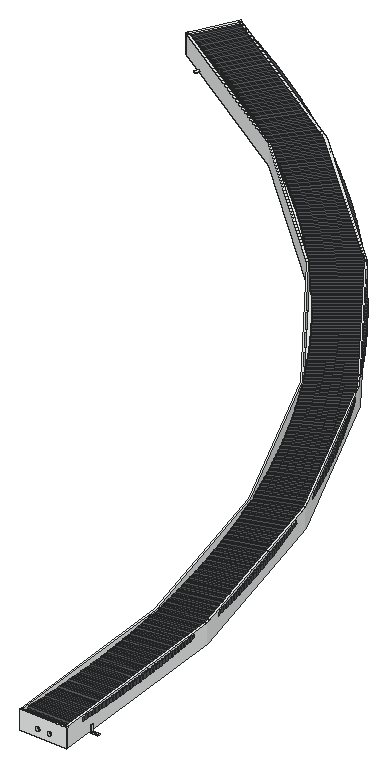
Revit family "Гольфстрим_Радиусный_R", category Оборудование, Revit 2019
Family settings
  Размер круглого соединителя = Использовать диаметр
  Классификация = Нет
  Тип детали = Нормальный
  На основе рабочей плоскости = Нет
  Всегда вертикально = Да
  При загрузке вырезать с полостями = Нет
  Общий = Нет
  Точка расчета площади = Нет
Parameters (values of type "Стандарт")
  Угол подключения [instance] = if(Боковое подключение, 90.00°, 180.00°)  # 180.00°
  Угол = (ADSK_Размер_Длина * 180.00°) / (pi() * Радиус конвектора)  # 63.662°
  Тип отопительного прибора = ""
  Температура Т2 [instance] = 0 °C
  Температура Т1 [instance] = 0 °C
  Радиус = 7.5 mm
  Номинальный диаметр = Радиус * 2  # 15 mm
  Ширина решетки = ADSK_Размер_Ширина - Толщина стенки панели * 2  # 186 mm
  Отступ от пола = 100 mm
  Межосевое расстояние = 50 mm
  Материал решетки = Окраска - RAL 7021, черно-серый
  Материал панели = Окраска - RAL 9016, белый дорожный
  Материал кронштейна = Окраска - RAL 9016, белый дорожный
  КСИ = ""
  Толщина стенки панели = 7 mm  # constant formula
  Боковое подключение [instance] = no
  Блок питания [instance] = yes
  Блок контролера [instance] = yes
  t [instance] = 0
  r2 = Радиус конвектора - Межосевое расстояние / 2  # 4475 mm
  r1 = Радиус конвектора + Межосевое расстояние / 2  # 4525 mm
  Радиус конвектора = 4500 mm
  n = Угол * 2 mm / 0.50° / 1 mm  # 255
  U = -70 mm
  R [instance] = if(Боковое подключение, ADSK_Размер_Ширина / 2 + Межосевое расстояние / 2 + 1 mm, 21 mm)  # 21 mm
  Qну_dT70 = 0 W
  Qну_dT60 = 0 W
  Qну_dT50 = 0 W
  L [instance] = if(Боковое подключение, ADSK_Размер_Ширина / 2 - Межосевое расстояние / 2 + 2 mm, 71 mm)  # 71 mm
  ADSK_Тепловая мощность [instance] = 0 W
  ADSK_Расход жидкости [instance] = 0.0 m³/h
  ADSK_Размер_Ширина = 200 mm
  ADSK_Размер_Длина = 5000 mm
  ADSK_Размер_Высота = 80 mm
  ADSK_Примечание = ""
  ADSK_Наименование краткое = ""
  ADSK_Наименование = ""
  ADSK_Масса_Текст = ""
  ADSK_Код изделия = ""
  ADSK_Завод-изготовитель = ""
  ADSK_Единица измерения = ""
  ADSK_Группирование = ""
Reference planes
  plane 1 "По центру (Вперед/Назад)": y = 0
  plane 2: z = 0
  plane 3 "По центру (Влево/Вправо)": x = 0
  plane 4 "2": z = -20
  plane 5: y = 50
  plane 6: y = 5
  plane 7 "3": z = -80
  plane 8: y = 15
  plane 9: y = 65
  plane 10: y = 100.391
Forms (mm)
  Sweep 1, solid, material "Окраска - RAL 9016, белый дорожный" <- "Материал панели"
    path origin (0, 0, 0) x (1, 0, 0) y (0, 1, 0)
      loop
        arc (4500, 0) -> (3823.234, 2373.369) -> (1996.497, 4032.865) r 4500
    profile origin (3823.234, 2373.369, 0) x (-0.849608, -0.527415, 0) y (0, 0, 1)
      loop
        line (-93, 0) -> (-100, 0) -> (-100, -80) -> (100, -80) -> (100, 0) -> (93, 0) -> (93, -75) -> (-93, -75) -> (-93, 0)
  Extrusion 2, solid, material "Окраска - RAL 9016, белый дорожный" <- "Материал панели"
    sketch origin (0, 0, 0) x (1, 0, 0) y (0, 0, 1)
      loop
        line (4600, -80) -> (4600, 0) -> (4440, 0) -> (4400, 0) -> (4400, -80) -> (4600, -80)
    from 0 to 5
  Extrusion 3, solid, material "Окраска - RAL 9016, белый дорожный" <- "Материал панели"
    sketch origin (0, 0, 0) x (0.443666, 0.896192, 0) y (0, 0, 1)
      loop
        line (4600, -80) -> (4600, 0) -> (4400, 0) -> (4400, -80) -> (4600, -80)
    from 0 to 10
  Sweep 4, solid, material "Окраска - RAL 9016, белый дорожный" <- "Материал кронштейна"
    path origin (0, 0, -80) x (1, 0, 0) y (0, 1, 0)
      loop
        arc (4498.258, 125.213) -> (4498.143, 129.282) -> (4498.024, 133.35) r 4500
    profile "Кронштейн профиль : Решетка" origin (4498.143, 129.282, -80) x (-0.999587, -0.028729, 0) y (0, 0, 1)
      loop
        line (-98, 0) -> (-98, 30) -> (-101, 30) -> (-101, 3) -> (-128, 3) -> (-128, 0) -> (-98, 0)
      loop
        line (98, 0) -> (128, 0) -> (128, 3) -> (103, 3) -> (103, 30) -> (98, 30) -> (98, 0)
  Sweep 5, solid, material "Окраска - RAL 9016, белый дорожный" <- "Материал кронштейна"
    path origin (0, 0, -80) x (1, 0, 0) y (0, 1, 0)
      loop
        arc (2118.138, 3970.326) -> (2112.833, 3973.152) -> (2107.523, 3975.971) r 4500
    profile "Кронштейн профиль : Решетка" origin (2112.833, 3973.152, -80) x (-0.469518, -0.882923, 0) y (0, 0, 1)
      loop
        line (-98, 0) -> (-98, 30) -> (-101, 30) -> (-101, 3) -> (-128, 3) -> (-128, 0) -> (-98, 0)
      loop
        line (98, 0) -> (128, 0) -> (128, 3) -> (103, 3) -> (103, 30) -> (98, 30) -> (98, 0)
  Sweep 6, solid
    path origin (0, 0, -80) x (1, 0, 0) y (0, 1, 0)
      loop
        line (4525, -6) -> (4525, 15) -> (4525, 100.391)
    profile origin (4525, 57.696, -80) x (-1, 0, 0) y (0, 0, 1)
      loop
        circle (0, 30) r 7.5
  Sweep 7, solid
    path origin (0, 0, -80) x (1, 0, 0) y (0, 1, 0)
      loop
        line (4475, 100.391) -> (4475, 65) -> (4475, -6)
    profile origin (4475, 82.696, -80) x (1, 0, 0) y (0, 0, 1)
      loop
        circle (0, 30) r 7.5
Lines and regions (mm)
  reference lines
    curve 1: line (0, 0, 0) -> (1996.497, 4032.865, 0)
    curve 2: arc (4500, 0, 0) -> (3823.234, 2373.369, 0) -> (1996.497, 4032.865, 0) r 4500
    curve 3: arc (4500, 0, 0) -> (3823.234, 2373.369, 0) -> (1996.497, 4032.865, 0) r 4500
    curve 4: line (4525, 15, -80) -> (4525, 100.391, -80)
    curve 5: line (4475, 100.391, -80) -> (4475, 15, -80)
Dimensions and locks
  "Радиус конвектора": curve 1 to curve 1
  locked: plane 1 "По центру (Вперед/Назад)" to plane 5 at 50
  "Толщина стенки панели": Sweep 1 sketch curve to Sweep 1 sketch curve  (x2)
  "ADSK_Размер_Высота": profile plane to Sweep 1 sketch curve
  locked: Extrusion 3 to curve 1 at 10
  locked: Sweep 1 sketch curve to Sweep 1 sketch curve at 5
  plane 1 "По центру (Вперед/Назад)" to plane 6 = 5 mm
  locked: level to plane 4 "2" at 20
  "ADSK_Размер_Высота": level to plane 7 "3"
  plane 1 "По центру (Вперед/Назад)" to Sweep 4 sketch curve = 125.213 mm
  locked: Sweep 5 sketch curve to curve 1 at 124.743
  locked: plane 1 "По центру (Вперед/Назад)" to plane 8 at 15
  "Межосевое расстояние": plane 9 to plane 8
  "r1": curve 2 to curve 4
  "r2": plane 3 "По центру (Влево/Вправо)" to curve 5
  "R": Sweep 6 sketch curve to Sweep 6 sketch curve
  equal spacing: plane 7 "3", Sweep 6 sketch curve, plane 4 "2"
  "L": Sweep 7 sketch curve to Sweep 7 sketch curve
  equal spacing: plane 7 "3", Sweep 7 sketch curve, plane 4 "2"
  equal spacing: Sweep 1 sketch curve, profile plane, Sweep 1 sketch curve
  "ADSK_Размер_Ширина": Sweep 1 sketch curve to Sweep 1 sketch curve
  equal spacing: Extrusion 3 sketch curve, curve 3, Extrusion 3 sketch curve
  "ADSK_Размер_Ширина": Extrusion 3 sketch curve to Extrusion 3 sketch curve
  equal spacing: Extrusion 2 sketch curve, curve 3, Extrusion 2 sketch curve
  "ADSK_Размер_Ширина": Extrusion 2 sketch curve to Extrusion 2 sketch curve
  "r1": curve 2 to nested 257
  "r2": curve 2 to nested 258
  "Радиус конвектора": radius of radial array
  "Радиус конвектора": radius of Sweep 5 sketch curve
  "Радиус": radius of Sweep 6 sketch curve
  "Радиус": radius of Sweep 7 sketch curve
  "Угол": angle plane 1 "По центру (Вперед/Назад)" to curve 1
  locked: Sweep 4 sketch curve to Sweep 4 sketch curve (angle 0.103642°)
  locked: Sweep 5 sketch curve to Sweep 5 sketch curve (angle 0.153068°)
  "Угол подключения": angle Sweep 6 sketch curve to Sweep 6 sketch curve
  "Угол подключения": angle Sweep 7 sketch curve to Sweep 7 sketch curve
  aligned and locked: level to plane 2
  aligned and locked: plane 1 "По центру (Вперед/Назад)" to curve 1
  aligned and locked: plane 3 "По центру (Влево/Вправо)" to curve 1
  aligned and locked: plane 1 "По центру (Вперед/Назад)" to curve 2
  aligned and locked: Sweep 1 sketch curve to curve 2
  aligned and locked: curve 1 to Sweep 1 sketch curve
  aligned and locked: plane 1 "По центру (Вперед/Назад)" to Sweep 1 sketch curve
  aligned and locked: curve 3 to curve 2
  aligned and locked: plane 1 "По центру (Вперед/Назад)" to nested 1
  aligned and locked: plane 3 "По центру (Влево/Вправо)" to nested 1
  aligned and locked: profile plane to Sweep 1 sketch curve
  aligned and locked: Sweep 1 sketch curve to profile plane
  aligned and locked: Sweep 1 to Extrusion 2 sketch curve
  aligned and locked: Extrusion 2 sketch curve to Sweep 1
  aligned and locked: Extrusion 2 to plane 1 "По центру (Вперед/Назад)"
  aligned and locked: Sweep 1 to Extrusion 3 sketch curve
  aligned and locked: Sweep 4 sketch curve to curve 3
  aligned and locked: plane 8 to curve 4
  aligned and locked: plane 10 to curve 4
  aligned and locked: plane 8 to curve 5
  aligned and locked: plane 10 to curve 5
  aligned and locked: Sweep 6 sketch curve to curve 4
  aligned and locked: plane 10 to Sweep 6 sketch curve
  aligned and locked: profile plane to Sweep 6 sketch curve
  aligned and locked: plane 10 to Sweep 7 sketch curve
  aligned and locked: Sweep 7 sketch curve to curve 5
  aligned and locked: profile plane to Sweep 7 sketch curve
  aligned and locked: nested 257 to plane 8
  aligned and locked: nested 258 to plane 8
Automatic sketch dimensions
  curve 3 to plane 3 "По центру (Влево/Вправо)" = 0 mm
  Extrusion 2 sketch curve to Extrusion 2 sketch curve = 40 mm
  curve 1 to Extrusion 3 sketch curve = 0 mm
  plane 1 "По центру (Вперед/Назад)" to Sweep 5 sketch curve = 0 mm
  Sweep 5 sketch curve to plane 3 "По центру (Влево/Вправо)" = 0 mm
Nested families
  nested 1: "УГО" at (0, 0, -20), type "УГО"
  nested 2: "Ламель конвектора" at (4499.993, 7.759, -20) x (0, 1, 0) z (0, 0, 1), l <- "Ширина решетки", Материал <- "Материал решетки", type ""
    with Материал Окраска - RAL 7021, черно-серый, l 186 mm
  nested 3: "Ламель конвектора" at (4499.755, 46.915, -20) x (-0.0087, 1, 0) z (0, 0, 1), l <- "Ширина решетки", Материал <- "Материал решетки", type ""
    with Материал Окраска - RAL 7021, черно-серый, l 186 mm
  nested 4: "Ламель конвектора" at (4499.917, 27.337, -20) x (-0.0044, 1, 0) z (0, 0, 1), l <- "Ширина решетки", Материал <- "Материал решетки", type ""
    with Материал Окраска - RAL 7021, черно-серый, l 186 mm
  nested 5: "Ламель конвектора" at (4499.509, 66.492, -20) x (-0.0131, 0.9999, 0) z (0, 0, 1), l <- "Ширина решетки", Материал <- "Материал решетки", type ""
    with Материал Окраска - RAL 7021, черно-серый, l 186 mm
  nested 6: "Ламель конвектора" at (4499.177, 86.067, -20) x (-0.0174, 0.9998, 0) z (0, 0, 1), l <- "Ширина решетки", Материал <- "Материал решетки", type ""
    with Материал Окраска - RAL 7021, черно-серый, l 186 mm
  nested 7: "Ламель конвектора" at (4498.76, 105.641, -20) x (-0.0218, 0.9998, 0) z (0, 0, 1), l <- "Ширина решетки", Материал <- "Материал решетки", type ""
    with Материал Окраска - RAL 7021, черно-серый, l 186 mm
  nested 8: "Ламель конвектора" at (4498.258, 125.213, -20) x (-0.0261, 0.9997, 0) z (0, 0, 1), l <- "Ширина решетки", Материал <- "Материал решетки", type ""
    with Материал Окраска - RAL 7021, черно-серый, l 186 mm
  nested 9: "Ламель конвектора" at (4497.67, 144.783, -20) x (-0.0305, 0.9995, 0) z (0, 0, 1), l <- "Ширина решетки", Материал <- "Материал решетки", type ""
    with Материал Окраска - RAL 7021, черно-серый, l 186 mm
  nested 10: "Ламель конвектора" at (4496.998, 164.35, -20) x (-0.0348, 0.9994, 0) z (0, 0, 1), l <- "Ширина решетки", Материал <- "Материал решетки", type ""
    with Материал Окраска - RAL 7021, черно-серый, l 186 mm
  nested 11: "Ламель конвектора" at (4496.24, 183.914, -20) x (-0.0391, 0.9992, 0) z (0, 0, 1), l <- "Ширина решетки", Материал <- "Материал решетки", type ""
    with Материал Окраска - RAL 7021, черно-серый, l 186 mm
  nested 12: "Ламель конвектора" at (4495.397, 203.474, -20) x (-0.0435, 0.9991, 0) z (0, 0, 1), l <- "Ширина решетки", Материал <- "Материал решетки", type ""
    with Материал Окраска - RAL 7021, черно-серый, l 186 mm
  nested 13: "Ламель конвектора" at (4494.47, 223.03, -20) x (-0.0478, 0.9989, 0) z (0, 0, 1), l <- "Ширина решетки", Материал <- "Материал решетки", type ""
    with Материал Окраска - RAL 7021, черно-серый, l 186 mm
  nested 14: "Ламель конвектора" at (4493.457, 242.583, -20) x (-0.0522, 0.9986, 0) z (0, 0, 1), l <- "Ширина решетки", Материал <- "Материал решетки", type ""
    with Материал Окраска - RAL 7021, черно-серый, l 186 mm
  nested 15: "Ламель конвектора" at (4492.359, 262.13, -20) x (-0.0565, 0.9984, 0) z (0, 0, 1), l <- "Ширина решетки", Материал <- "Материал решетки", type ""
    with Материал Окраска - RAL 7021, черно-серый, l 186 mm
  nested 16: "Ламель конвектора" at (4491.176, 281.673, -20) x (-0.0609, 0.9981, 0) z (0, 0, 1), l <- "Ширина решетки", Материал <- "Материал решетки", type ""
    with Материал Окраска - RAL 7021, черно-серый, l 186 mm
  nested 17: "Ламель конвектора" at (4489.908, 301.21, -20) x (-0.0652, 0.9979, 0) z (0, 0, 1), l <- "Ширина решетки", Материал <- "Материал решетки", type ""
    with Материал Окраска - RAL 7021, черно-серый, l 186 mm
  nested 18: "Ламель конвектора" at (4488.555, 320.742, -20) x (-0.0696, 0.9976, 0) z (0, 0, 1), l <- "Ширина решетки", Материал <- "Материал решетки", type ""
    with Материал Окраска - RAL 7021, черно-серый, l 186 mm
  nested 19: "Ламель конвектора" at (4487.117, 340.268, -20) x (-0.0739, 0.9973, 0) z (0, 0, 1), l <- "Ширина решетки", Материал <- "Материал решетки", type ""
    with Материал Окраска - RAL 7021, черно-серый, l 186 mm
  nested 20: "Ламель конвектора" at (4485.594, 359.787, -20) x (-0.0782, 0.9969, 0) z (0, 0, 1), l <- "Ширина решетки", Материал <- "Материал решетки", type ""
    with Материал Окраска - RAL 7021, черно-серый, l 186 mm
  nested 21: "Ламель конвектора" at (4483.986, 379.299, -20) x (-0.0826, 0.9966, 0) z (0, 0, 1), l <- "Ширина решетки", Материал <- "Материал решетки", type ""
    with Материал Окраска - RAL 7021, черно-серый, l 186 mm
  nested 22: "Ламель конвектора" at (4482.294, 398.804, -20) x (-0.0869, 0.9962, 0) z (0, 0, 1), l <- "Ширина решетки", Материал <- "Материал решетки", type ""
    with Материал Окраска - RAL 7021, черно-серый, l 186 mm
  nested 23: "Ламель конвектора" at (4480.516, 418.302, -20) x (-0.0912, 0.9958, 0) z (0, 0, 1), l <- "Ширина решетки", Материал <- "Материал решетки", type ""
    with Материал Окраска - RAL 7021, черно-серый, l 186 mm
  nested 24: "Ламель конвектора" at (4478.654, 437.791, -20) x (-0.0956, 0.9954, 0) z (0, 0, 1), l <- "Ширина решетки", Материал <- "Материал решетки", type ""
    with Материал Окраска - RAL 7021, черно-серый, l 186 mm
  nested 25: "Ламель конвектора" at (4476.707, 457.273, -20) x (-0.0999, 0.995, 0) z (0, 0, 1), l <- "Ширина решетки", Материал <- "Материал решетки", type ""
    with Материал Окраска - RAL 7021, черно-серый, l 186 mm
  nested 26: "Ламель конвектора" at (4474.675, 476.746, -20) x (-0.1042, 0.9946, 0) z (0, 0, 1), l <- "Ширина решетки", Материал <- "Материал решетки", type ""
    with Материал Окраска - RAL 7021, черно-серый, l 186 mm
  nested 27: "Ламель конвектора" at (4472.558, 496.209, -20) x (-0.1086, 0.9941, 0) z (0, 0, 1), l <- "Ширина решетки", Материал <- "Материал решетки", type ""
    with Материал Окраска - RAL 7021, черно-серый, l 186 mm
  nested 28: "Ламель конвектора" at (4470.357, 515.664, -20) x (-0.1129, 0.9936, 0) z (0, 0, 1), l <- "Ширина решетки", Материал <- "Материал решетки", type ""
    with Материал Окраска - RAL 7021, черно-серый, l 186 mm
  nested 29: "Ламель конвектора" at (4468.071, 535.108, -20) x (-0.1172, 0.9931, 0) z (0, 0, 1), l <- "Ширина решетки", Материал <- "Материал решетки", type ""
    with Материал Окраска - RAL 7021, черно-серый, l 186 mm
  nested 30: "Ламель конвектора" at (4465.701, 554.543, -20) x (-0.1215, 0.9926, 0) z (0, 0, 1), l <- "Ширина решетки", Материал <- "Материал решетки", type ""
    with Материал Окраска - RAL 7021, черно-серый, l 186 mm
  nested 31: "Ламель конвектора" at (4463.246, 573.966, -20) x (-0.1258, 0.9921, 0) z (0, 0, 1), l <- "Ширина решетки", Материал <- "Материал решетки", type ""
    with Материал Окраска - RAL 7021, черно-серый, l 186 mm
  nested 32: "Ламель конвектора" at (4460.706, 593.38, -20) x (-0.1302, 0.9915, 0) z (0, 0, 1), l <- "Ширина решетки", Материал <- "Материал решетки", type ""
    with Материал Окраска - RAL 7021, черно-серый, l 186 mm
  nested 33: "Ламель конвектора" at (4458.082, 612.781, -20) x (-0.1345, 0.9909, 0) z (0, 0, 1), l <- "Ширина решетки", Материал <- "Материал решетки", type ""
    with Материал Окраска - RAL 7021, черно-серый, l 186 mm
  nested 34: "Ламель конвектора" at (4455.374, 632.172, -20) x (-0.1388, 0.9903, 0) z (0, 0, 1), l <- "Ширина решетки", Материал <- "Материал решетки", type ""
    with Материал Окраска - RAL 7021, черно-серый, l 186 mm
  nested 35: "Ламель конвектора" at (4452.582, 651.55, -20) x (-0.1431, 0.9897, 0) z (0, 0, 1), l <- "Ширина решетки", Материал <- "Материал решетки", type ""
    with Материал Окраска - RAL 7021, черно-серый, l 186 mm
  nested 36: "Ламель конвектора" at (4449.705, 670.916, -20) x (-0.1474, 0.9891, 0) z (0, 0, 1), l <- "Ширина решетки", Материал <- "Материал решетки", type ""
    with Материал Окраска - RAL 7021, черно-серый, l 186 mm
  nested 37: "Ламель конвектора" at (4446.744, 690.269, -20) x (-0.1517, 0.9884, 0) z (0, 0, 1), l <- "Ширина решетки", Материал <- "Материал решетки", type ""
    with Материал Окраска - RAL 7021, черно-серый, l 186 mm
  nested 38: "Ламель конвектора" at (4443.698, 709.609, -20) x (-0.156, 0.9878, 0) z (0, 0, 1), l <- "Ширина решетки", Материал <- "Материал решетки", type ""
    with Материал Окраска - RAL 7021, черно-серый, l 186 mm
  nested 39: "Ламель конвектора" at (4440.569, 728.936, -20) x (-0.1603, 0.9871, 0) z (0, 0, 1), l <- "Ширина решетки", Материал <- "Материал решетки", type ""
    with Материал Окраска - RAL 7021, черно-серый, l 186 mm
  nested 40: "Ламель конвектора" at (4437.355, 748.249, -20) x (-0.1646, 0.9864, 0) z (0, 0, 1), l <- "Ширина решетки", Материал <- "Материал решетки", type ""
    with Материал Окраска - RAL 7021, черно-серый, l 186 mm
  nested 41: "Ламель конвектора" at (4434.058, 767.548, -20) x (-0.1689, 0.9856, 0) z (0, 0, 1), l <- "Ширина решетки", Материал <- "Материал решетки", type ""
    with Материал Окраска - RAL 7021, черно-серый, l 186 mm
  nested 42: "Ламель конвектора" at (4430.677, 786.832, -20) x (-0.1732, 0.9849, 0) z (0, 0, 1), l <- "Ширина решетки", Материал <- "Материал решетки", type ""
    with Материал Окраска - RAL 7021, черно-серый, l 186 mm
  nested 43: "Ламель конвектора" at (4427.211, 806.101, -20) x (-0.1774, 0.9841, 0) z (0, 0, 1), l <- "Ширина решетки", Материал <- "Материал решетки", type ""
    with Материал Окраска - RAL 7021, черно-серый, l 186 mm
  nested 44: "Ламель конвектора" at (4423.662, 825.355, -20) x (-0.1817, 0.9834, 0) z (0, 0, 1), l <- "Ширина решетки", Материал <- "Материал решетки", type ""
    with Материал Окраска - RAL 7021, черно-серый, l 186 mm
  nested 45: "Ламель конвектора" at (4420.03, 844.594, -20) x (-0.186, 0.9826, 0) z (0, 0, 1), l <- "Ширина решетки", Материал <- "Материал решетки", type ""
    with Материал Окраска - RAL 7021, черно-серый, l 186 mm
  nested 46: "Ламель конвектора" at (4416.313, 863.816, -20) x (-0.1903, 0.9817, 0) z (0, 0, 1), l <- "Ширина решетки", Материал <- "Материал решетки", type ""
    with Материал Окраска - RAL 7021, черно-серый, l 186 mm
  nested 47: "Ламель конвектора" at (4412.513, 883.022, -20) x (-0.1945, 0.9809, 0) z (0, 0, 1), l <- "Ширина решетки", Материал <- "Материал решетки", type ""
    with Материал Окраска - RAL 7021, черно-серый, l 186 mm
  nested 48: "Ламель конвектора" at (4408.629, 902.212, -20) x (-0.1988, 0.98, 0) z (0, 0, 1), l <- "Ширина решетки", Материал <- "Материал решетки", type ""
    with Материал Окраска - RAL 7021, черно-серый, l 186 mm
  nested 49: "Ламель конвектора" at (4404.662, 921.384, -20) x (-0.2031, 0.9792, 0) z (0, 0, 1), l <- "Ширина решетки", Материал <- "Материал решетки", type ""
    with Материал Окраска - RAL 7021, черно-серый, l 186 mm
  nested 50: "Ламель конвектора" at (4400.612, 940.539, -20) x (-0.2073, 0.9783, 0) z (0, 0, 1), l <- "Ширина решетки", Материал <- "Материал решетки", type ""
    with Материал Окраска - RAL 7021, черно-серый, l 186 mm
  nested 51: "Ламель конвектора" at (4396.478, 959.676, -20) x (-0.2116, 0.9774, 0) z (0, 0, 1), l <- "Ширина решетки", Материал <- "Материал решетки", type ""
    with Материал Окраска - RAL 7021, черно-серый, l 186 mm
  nested 52: "Ламель конвектора" at (4392.261, 978.795, -20) x (-0.2158, 0.9764, 0) z (0, 0, 1), l <- "Ширина решетки", Материал <- "Материал решетки", type ""
    with Материал Окраска - RAL 7021, черно-серый, l 186 mm
  nested 53: "Ламель конвектора" at (4387.961, 997.896, -20) x (-0.2201, 0.9755, 0) z (0, 0, 1), l <- "Ширина решетки", Материал <- "Материал решетки", type ""
    with Материал Окраска - RAL 7021, черно-серый, l 186 mm
  nested 54: "Ламель конвектора" at (4383.578, 1016.977, -20) x (-0.2243, 0.9745, 0) z (0, 0, 1), l <- "Ширина решетки", Материал <- "Материал решетки", type ""
    with Материал Окраска - RAL 7021, черно-серый, l 186 mm
  nested 55: "Ламель конвектора" at (4379.112, 1036.039, -20) x (-0.2286, 0.9735, 0) z (0, 0, 1), l <- "Ширина решетки", Материал <- "Материал решетки", type ""
    with Материал Окраска - RAL 7021, черно-серый, l 186 mm
  nested 56: "Ламель конвектора" at (4374.563, 1055.082, -20) x (-0.2328, 0.9725, 0) z (0, 0, 1), l <- "Ширина решетки", Материал <- "Материал решетки", type ""
    with Материал Окраска - RAL 7021, черно-серый, l 186 mm
  nested 57: "Ламель конвектора" at (4369.931, 1074.105, -20) x (-0.237, 0.9715, 0) z (0, 0, 1), l <- "Ширина решетки", Материал <- "Материал решетки", type ""
    with Материал Окраска - RAL 7021, черно-серый, l 186 mm
  nested 58: "Ламель конвектора" at (4365.217, 1093.107, -20) x (-0.2412, 0.9705, 0) z (0, 0, 1), l <- "Ширина решетки", Материал <- "Материал решетки", type ""
    with Материал Окраска - RAL 7021, черно-серый, l 186 mm
  nested 59: "Ламель конвектора" at (4360.42, 1112.089, -20) x (-0.2455, 0.9694, 0) z (0, 0, 1), l <- "Ширина решетки", Материал <- "Материал решетки", type ""
    with Материал Окраска - RAL 7021, черно-серый, l 186 mm
  nested 60: "Ламель конвектора" at (4355.54, 1131.049, -20) x (-0.2497, 0.9683, 0) z (0, 0, 1), l <- "Ширина решетки", Материал <- "Материал решетки", type ""
    with Материал Окраска - RAL 7021, черно-серый, l 186 mm
  nested 61: "Ламель конвектора" at (4350.578, 1149.988, -20) x (-0.2539, 0.9672, 0) z (0, 0, 1), l <- "Ширина решетки", Материал <- "Материал решетки", type ""
    with Материал Окраска - RAL 7021, черно-серый, l 186 mm
  nested 62: "Ламель конвектора" at (4345.533, 1168.906, -20) x (-0.2581, 0.9661, 0) z (0, 0, 1), l <- "Ширина решетки", Материал <- "Материал решетки", type ""
    with Материал Окраска - RAL 7021, черно-серый, l 186 mm
  nested 63: "Ламель конвектора" at (4340.406, 1187.801, -20) x (-0.2623, 0.965, 0) z (0, 0, 1), l <- "Ширина решетки", Материал <- "Материал решетки", type ""
    with Материал Окраска - RAL 7021, черно-серый, l 186 mm
  nested 64: "Ламель конвектора" at (4335.198, 1206.674, -20) x (-0.2665, 0.9638, 0) z (0, 0, 1), l <- "Ширина решетки", Материал <- "Материал решетки", type ""
    with Материал Окраска - RAL 7021, черно-серый, l 186 mm
  nested 65: "Ламель конвектора" at (4329.907, 1225.524, -20) x (-0.2707, 0.9627, 0) z (0, 0, 1), l <- "Ширина решетки", Материал <- "Материал решетки", type ""
    with Материал Окраска - RAL 7021, черно-серый, l 186 mm
  nested 66: "Ламель конвектора" at (4324.534, 1244.351, -20) x (-0.2749, 0.9615, 0) z (0, 0, 1), l <- "Ширина решетки", Материал <- "Материал решетки", type ""
    with Материал Окраска - RAL 7021, черно-серый, l 186 mm
  nested 67: "Ламель конвектора" at (4319.079, 1263.154, -20) x (-0.279, 0.9603, 0) z (0, 0, 1), l <- "Ширина решетки", Материал <- "Материал решетки", type ""
    with Материал Окраска - RAL 7021, черно-серый, l 186 mm
  nested 68: "Ламель конвектора" at (4313.542, 1281.933, -20) x (-0.2832, 0.9591, 0) z (0, 0, 1), l <- "Ширина решетки", Материал <- "Материал решетки", type ""
    with Материал Окраска - RAL 7021, черно-серый, l 186 mm
  nested 69: "Ламель конвектора" at (4307.924, 1300.688, -20) x (-0.2874, 0.9578, 0) z (0, 0, 1), l <- "Ширина решетки", Материал <- "Материал решетки", type ""
    with Материал Окраска - RAL 7021, черно-серый, l 186 mm
  nested 70: "Ламель конвектора" at (4302.224, 1319.419, -20) x (-0.2916, 0.9566, 0) z (0, 0, 1), l <- "Ширина решетки", Материал <- "Материал решетки", type ""
    with Материал Окраска - RAL 7021, черно-серый, l 186 mm
  nested 71: "Ламель конвектора" at (4296.443, 1338.124, -20) x (-0.2957, 0.9553, 0) z (0, 0, 1), l <- "Ширина решетки", Материал <- "Материал решетки", type ""
    with Материал Окраска - RAL 7021, черно-серый, l 186 mm
  nested 72: "Ламель конвектора" at (4290.581, 1356.804, -20) x (-0.2999, 0.954, 0) z (0, 0, 1), l <- "Ширина решетки", Материал <- "Материал решетки", type ""
    with Материал Окраска - RAL 7021, черно-серый, l 186 mm
  nested 73: "Ламель конвектора" at (4284.637, 1375.459, -20) x (-0.304, 0.9527, 0) z (0, 0, 1), l <- "Ширина решетки", Материал <- "Материал решетки", type ""
    with Материал Окраска - RAL 7021, черно-серый, l 186 mm
  nested 74: "Ламель конвектора" at (4278.612, 1394.087, -20) x (-0.3082, 0.9513, 0) z (0, 0, 1), l <- "Ширина решетки", Материал <- "Материал решетки", type ""
    with Материал Окраска - RAL 7021, черно-серый, l 186 mm
  nested 75: "Ламель конвектора" at (4272.506, 1412.689, -20) x (-0.3123, 0.95, 0) z (0, 0, 1), l <- "Ширина решетки", Материал <- "Материал решетки", type ""
    with Материал Окраска - RAL 7021, черно-серый, l 186 mm
  nested 76: "Ламель конвектора" at (4266.32, 1431.264, -20) x (-0.3164, 0.9486, 0) z (0, 0, 1), l <- "Ширина решетки", Материал <- "Материал решетки", type ""
    with Материал Окраска - RAL 7021, черно-серый, l 186 mm
  nested 77: "Ламель конвектора" at (4260.052, 1449.813, -20) x (-0.3205, 0.9472, 0) z (0, 0, 1), l <- "Ширина решетки", Материал <- "Материал решетки", type ""
    with Материал Окраска - RAL 7021, черно-серый, l 186 mm
  nested 78: "Ламель конвектора" at (4253.704, 1468.333, -20) x (-0.3247, 0.9458, 0) z (0, 0, 1), l <- "Ширина решетки", Материал <- "Материал решетки", type ""
    with Материал Окраска - RAL 7021, черно-серый, l 186 mm
  nested 79: "Ламель конвектора" at (4247.275, 1486.826, -20) x (-0.3288, 0.9444, 0) z (0, 0, 1), l <- "Ширина решетки", Материал <- "Материал решетки", type ""
    with Материал Окраска - RAL 7021, черно-серый, l 186 mm
  nested 80: "Ламель конвектора" at (4240.766, 1505.291, -20) x (-0.3329, 0.943, 0) z (0, 0, 1), l <- "Ширина решетки", Материал <- "Материал решетки", type ""
    with Материал Окраска - RAL 7021, черно-серый, l 186 mm
  nested 81: "Ламель конвектора" at (4234.177, 1523.727, -20) x (-0.337, 0.9415, 0) z (0, 0, 1), l <- "Ширина решетки", Материал <- "Материал решетки", type ""
    with Материал Окраска - RAL 7021, черно-серый, l 186 mm
  nested 82: "Ламель конвектора" at (4227.508, 1542.135, -20) x (-0.3411, 0.94, 0) z (0, 0, 1), l <- "Ширина решетки", Материал <- "Материал решетки", type ""
    with Материал Окраска - RAL 7021, черно-серый, l 186 mm
  nested 83: "Ламель конвектора" at (4220.758, 1560.513, -20) x (-0.3452, 0.9385, 0) z (0, 0, 1), l <- "Ширина решетки", Материал <- "Материал решетки", type ""
    with Материал Окраска - RAL 7021, черно-серый, l 186 mm
  nested 84: "Ламель конвектора" at (4213.929, 1578.862, -20) x (-0.3492, 0.937, 0) z (0, 0, 1), l <- "Ширина решетки", Материал <- "Материал решетки", type ""
    with Материал Окраска - RAL 7021, черно-серый, l 186 mm
  nested 85: "Ламель конвектора" at (4207.02, 1597.181, -20) x (-0.3533, 0.9355, 0) z (0, 0, 1), l <- "Ширина решетки", Материал <- "Материал решетки", type ""
    with Материал Окраска - RAL 7021, черно-серый, l 186 mm
  nested 86: "Ламель конвектора" at (4200.031, 1615.469, -20) x (-0.3574, 0.934, 0) z (0, 0, 1), l <- "Ширина решетки", Материал <- "Материал решетки", type ""
    with Материал Окраска - RAL 7021, черно-серый, l 186 mm
  nested 87: "Ламель конвектора" at (4192.963, 1633.727, -20) x (-0.3614, 0.9324, 0) z (0, 0, 1), l <- "Ширина решетки", Материал <- "Материал решетки", type ""
    with Материал Окраска - RAL 7021, черно-серый, l 186 mm
  nested 88: "Ламель конвектора" at (4185.815, 1651.954, -20) x (-0.3655, 0.9308, 0) z (0, 0, 1), l <- "Ширина решетки", Материал <- "Материал решетки", type ""
    with Материал Окраска - RAL 7021, черно-серый, l 186 mm
  nested 89: "Ламель конвектора" at (4178.588, 1670.15, -20) x (-0.3695, 0.9292, 0) z (0, 0, 1), l <- "Ширина решетки", Материал <- "Материал решетки", type ""
    with Материал Окраска - RAL 7021, черно-серый, l 186 mm
  nested 90: "Ламель конвектора" at (4171.282, 1688.314, -20) x (-0.3736, 0.9276, 0) z (0, 0, 1), l <- "Ширина решетки", Материал <- "Материал решетки", type ""
    with Материал Окраска - RAL 7021, черно-серый, l 186 mm
  nested 91: "Ламель конвектора" at (4163.897, 1706.447, -20) x (-0.3776, 0.926, 0) z (0, 0, 1), l <- "Ширина решетки", Материал <- "Материал решетки", type ""
    with Материал Окраска - RAL 7021, черно-серый, l 186 mm
  nested 92: "Ламель конвектора" at (4156.433, 1724.547, -20) x (-0.3816, 0.9243, 0) z (0, 0, 1), l <- "Ширина решетки", Материал <- "Материал решетки", type ""
    with Материал Окраска - RAL 7021, черно-серый, l 186 mm
  nested 93: "Ламель конвектора" at (4148.891, 1742.614, -20) x (-0.3857, 0.9226, 0) z (0, 0, 1), l <- "Ширина решетки", Материал <- "Материал решетки", type ""
    with Материал Окраска - RAL 7021, черно-серый, l 186 mm
  nested 94: "Ламель конвектора" at (4141.27, 1760.648, -20) x (-0.3897, 0.921, 0) z (0, 0, 1), l <- "Ширина решетки", Материал <- "Материал решетки", type ""
    with Материал Окраска - RAL 7021, черно-серый, l 186 mm
  nested 95: "Ламель конвектора" at (4133.571, 1778.649, -20) x (-0.3937, 0.9193, 0) z (0, 0, 1), l <- "Ширина решетки", Материал <- "Материал решетки", type ""
    with Материал Окраска - RAL 7021, черно-серый, l 186 mm
  nested 96: "Ламель конвектора" at (4125.793, 1796.617, -20) x (-0.3977, 0.9175, 0) z (0, 0, 1), l <- "Ширина решетки", Материал <- "Материал решетки", type ""
    with Материал Окраска - RAL 7021, черно-серый, l 186 mm
  nested 97: "Ламель конвектора" at (4117.937, 1814.55, -20) x (-0.4017, 0.9158, 0) z (0, 0, 1), l <- "Ширина решетки", Материал <- "Материал решетки", type ""
    with Материал Окраска - RAL 7021, черно-серый, l 186 mm
  nested 98: "Ламель конвектора" at (4110.004, 1832.449, -20) x (-0.4056, 0.914, 0) z (0, 0, 1), l <- "Ширина решетки", Материал <- "Материал решетки", type ""
    with Материал Окраска - RAL 7021, черно-серый, l 186 mm
  nested 99: "Ламель конвектора" at (4101.992, 1850.313, -20) x (-0.4096, 0.9123, 0) z (0, 0, 1), l <- "Ширина решетки", Материал <- "Материал решетки", type ""
    with Материал Окраска - RAL 7021, черно-серый, l 186 mm
  nested 100: "Ламель конвектора" at (4093.903, 1868.142, -20) x (-0.4136, 0.9105, 0) z (0, 0, 1), l <- "Ширина решетки", Материал <- "Материал решетки", type ""
    with Материал Окраска - RAL 7021, черно-серый, l 186 mm
  nested 101: "Ламель конвектора" at (4085.737, 1885.936, -20) x (-0.4175, 0.9087, 0) z (0, 0, 1), l <- "Ширина решетки", Материал <- "Материал решетки", type ""
    with Материал Окраска - RAL 7021, черно-серый, l 186 mm
  nested 102: "Ламель конвектора" at (4077.493, 1903.694, -20) x (-0.4215, 0.9068, 0) z (0, 0, 1), l <- "Ширина решетки", Материал <- "Материал решетки", type ""
    with Материал Окраска - RAL 7021, черно-серый, l 186 mm
  nested 103: "Ламель конвектора" at (4069.172, 1921.417, -20) x (-0.4254, 0.905, 0) z (0, 0, 1), l <- "Ширина решетки", Материал <- "Материал решетки", type ""
    with Материал Окраска - RAL 7021, черно-серый, l 186 mm
  nested 104: "Ламель конвектора" at (4060.774, 1939.102, -20) x (-0.4294, 0.9031, 0) z (0, 0, 1), l <- "Ширина решетки", Материал <- "Материал решетки", type ""
    with Материал Окраска - RAL 7021, черно-серый, l 186 mm
  nested 105: "Ламель конвектора" at (4052.299, 1956.752, -20) x (-0.4333, 0.9013, 0) z (0, 0, 1), l <- "Ширина решетки", Материал <- "Материал решетки", type ""
    with Материал Окраска - RAL 7021, черно-серый, l 186 mm
  nested 106: "Ламель конвектора" at (4043.747, 1974.364, -20) x (-0.4372, 0.8994, 0) z (0, 0, 1), l <- "Ширина решетки", Материал <- "Материал решетки", type ""
    with Материал Окраска - RAL 7021, черно-серый, l 186 mm
  nested 107: "Ламель конвектора" at (4035.119, 1991.938, -20) x (-0.4411, 0.8975, 0) z (0, 0, 1), l <- "Ширина решетки", Материал <- "Материал решетки", type ""
    with Материал Окраска - RAL 7021, черно-серый, l 186 mm
  nested 108: "Ламель конвектора" at (4026.414, 2009.475, -20) x (-0.445, 0.8955, 0) z (0, 0, 1), l <- "Ширина решетки", Материал <- "Материал решетки", type ""
    with Материал Окраска - RAL 7021, черно-серый, l 186 mm
  nested 109: "Ламель конвектора" at (4017.633, 2026.974, -20) x (-0.4489, 0.8936, 0) z (0, 0, 1), l <- "Ширина решетки", Материал <- "Материал решетки", type ""
    with Материал Окраска - RAL 7021, черно-серый, l 186 mm
  nested 110: "Ламель конвектора" at (4008.776, 2044.435, -20) x (-0.4528, 0.8916, 0) z (0, 0, 1), l <- "Ширина решетки", Материал <- "Материал решетки", type ""
    with Материал Окраска - RAL 7021, черно-серый, l 186 mm
  nested 111: "Ламель конвектора" at (3999.843, 2061.857, -20) x (-0.4567, 0.8896, 0) z (0, 0, 1), l <- "Ширина решетки", Материал <- "Материал решетки", type ""
    with Материал Окраска - RAL 7021, черно-серый, l 186 mm
  nested 112: "Ламель конвектора" at (3990.835, 2079.239, -20) x (-0.4605, 0.8876, 0) z (0, 0, 1), l <- "Ширина решетки", Материал <- "Материал решетки", type ""
    with Материал Окраска - RAL 7021, черно-серый, l 186 mm
  nested 113: "Ламель конвектора" at (3981.751, 2096.583, -20) x (-0.4644, 0.8856, 0) z (0, 0, 1), l <- "Ширина решетки", Материал <- "Материал решетки", type ""
    with Материал Окраска - RAL 7021, черно-серый, l 186 mm
  nested 114: "Ламель конвектора" at (3972.591, 2113.887, -20) x (-0.4682, 0.8836, 0) z (0, 0, 1), l <- "Ширина решетки", Материал <- "Материал решетки", type ""
    with Материал Окраска - RAL 7021, черно-серый, l 186 mm
  nested 115: "Ламель конвектора" at (3963.357, 2131.15, -20) x (-0.4721, 0.8816, 0) z (0, 0, 1), l <- "Ширина решетки", Материал <- "Материал решетки", type ""
    with Материал Окраска - RAL 7021, черно-серый, l 186 mm
  nested 116: "Ламель конвектора" at (3954.047, 2148.374, -20) x (-0.4759, 0.8795, 0) z (0, 0, 1), l <- "Ширина решетки", Материал <- "Материал решетки", type ""
    with Материал Окраска - RAL 7021, черно-серый, l 186 mm
  nested 117: "Ламель конвектора" at (3944.663, 2165.557, -20) x (-0.4797, 0.8774, 0) z (0, 0, 1), l <- "Ширина решетки", Материал <- "Материал решетки", type ""
    with Материал Окраска - RAL 7021, черно-серый, l 186 mm
  nested 118: "Ламель конвектора" at (3935.204, 2182.698, -20) x (-0.4835, 0.8753, 0) z (0, 0, 1), l <- "Ширина решетки", Материал <- "Материал решетки", type ""
    with Материал Окраска - RAL 7021, черно-серый, l 186 mm
  nested 119: "Ламель конвектора" at (3925.67, 2199.799, -20) x (-0.4873, 0.8732, 0) z (0, 0, 1), l <- "Ширина решетки", Материал <- "Материал решетки", type ""
    with Материал Окраска - RAL 7021, черно-серый, l 186 mm
  nested 120: "Ламель конвектора" at (3916.062, 2216.858, -20) x (-0.4911, 0.8711, 0) z (0, 0, 1), l <- "Ширина решетки", Материал <- "Материал решетки", type ""
    with Материал Окраска - RAL 7021, черно-серый, l 186 mm
  nested 121: "Ламель конвектора" at (3906.38, 2233.875, -20) x (-0.4949, 0.8689, 0) z (0, 0, 1), l <- "Ширина решетки", Материал <- "Материал решетки", type ""
    with Материал Окраска - RAL 7021, черно-серый, l 186 mm
  nested 122: "Ламель конвектора" at (3896.624, 2250.849, -20) x (-0.4987, 0.8668, 0) z (0, 0, 1), l <- "Ширина решетки", Материал <- "Материал решетки", type ""
    with Материал Окраска - RAL 7021, черно-серый, l 186 mm
  nested 123: "Ламель конвектора" at (3886.794, 2267.781, -20) x (-0.5025, 0.8646, 0) z (0, 0, 1), l <- "Ширина решетки", Материал <- "Материал решетки", type ""
    with Материал Окраска - RAL 7021, черно-серый, l 186 mm
  nested 124: "Ламель конвектора" at (3876.891, 2284.67, -20) x (-0.5062, 0.8624, 0) z (0, 0, 1), l <- "Ширина решетки", Материал <- "Материал решетки", type ""
    with Материал Окраска - RAL 7021, черно-серый, l 186 mm
  nested 125: "Ламель конвектора" at (3866.914, 2301.516, -20) x (-0.51, 0.8602, 0) z (0, 0, 1), l <- "Ширина решетки", Материал <- "Материал решетки", type ""
    with Материал Окраска - RAL 7021, черно-серый, l 186 mm
  nested 126: "Ламель конвектора" at (3856.864, 2318.318, -20) x (-0.5137, 0.858, 0) z (0, 0, 1), l <- "Ширина решетки", Материал <- "Материал решетки", type ""
    with Материал Окраска - RAL 7021, черно-серый, l 186 mm
  nested 127: "Ламель конвектора" at (3846.741, 2335.076, -20) x (-0.5174, 0.8557, 0) z (0, 0, 1), l <- "Ширина решетки", Материал <- "Материал решетки", type ""
    with Материал Окраска - RAL 7021, черно-серый, l 186 mm
  nested 128: "Ламель конвектора" at (3836.545, 2351.791, -20) x (-0.5211, 0.8535, 0) z (0, 0, 1), l <- "Ширина решетки", Материал <- "Материал решетки", type ""
    with Материал Окраска - RAL 7021, черно-серый, l 186 mm
  nested 129: "Ламель конвектора" at (3826.277, 2368.46, -20) x (-0.5249, 0.8512, 0) z (0, 0, 1), l <- "Ширина решетки", Материал <- "Материал решетки", type ""
    with Материал Окраска - RAL 7021, черно-серый, l 186 mm
  nested 130: "Ламель конвектора" at (3815.936, 2385.085, -20) x (-0.5286, 0.8489, 0) z (0, 0, 1), l <- "Ширина решетки", Материал <- "Материал решетки", type ""
    with Материал Окраска - RAL 7021, черно-серый, l 186 mm
  nested 131: "Ламель конвектора" at (3805.523, 2401.665, -20) x (-0.5322, 0.8466, 0) z (0, 0, 1), l <- "Ширина решетки", Материал <- "Материал решетки", type ""
    with Материал Окраска - RAL 7021, черно-серый, l 186 mm
  nested 132: "Ламель конвектора" at (3795.038, 2418.199, -20) x (-0.5359, 0.8443, 0) z (0, 0, 1), l <- "Ширина решетки", Материал <- "Материал решетки", type ""
    with Материал Окраска - RAL 7021, черно-серый, l 186 mm
  nested 133: "Ламель конвектора" at (3784.481, 2434.687, -20) x (-0.5396, 0.8419, 0) z (0, 0, 1), l <- "Ширина решетки", Материал <- "Материал решетки", type ""
    with Материал Окраска - RAL 7021, черно-серый, l 186 mm
  nested 134: "Ламель конвектора" at (3773.853, 2451.13, -20) x (-0.5432, 0.8396, 0) z (0, 0, 1), l <- "Ширина решетки", Материал <- "Материал решетки", type ""
    with Материал Окраска - RAL 7021, черно-серый, l 186 mm
  nested 135: "Ламель конвектора" at (3763.153, 2467.525, -20) x (-0.5469, 0.8372, 0) z (0, 0, 1), l <- "Ширина решетки", Материал <- "Материал решетки", type ""
    with Материал Окраска - RAL 7021, черно-серый, l 186 mm
  nested 136: "Ламель конвектора" at (3752.381, 2483.875, -20) x (-0.5505, 0.8348, 0) z (0, 0, 1), l <- "Ширина решетки", Материал <- "Материал решетки", type ""
    with Материал Окраска - RAL 7021, черно-серый, l 186 mm
  nested 137: "Ламель конвектора" at (3741.539, 2500.177, -20) x (-0.5542, 0.8324, 0) z (0, 0, 1), l <- "Ширина решетки", Материал <- "Материал решетки", type ""
    with Материал Окраска - RAL 7021, черно-серый, l 186 mm
  nested 138: "Ламель конвектора" at (3730.626, 2516.432, -20) x (-0.5578, 0.83, 0) z (0, 0, 1), l <- "Ширина решетки", Материал <- "Материал решетки", type ""
    with Материал Окраска - RAL 7021, черно-серый, l 186 mm
  nested 139: "Ламель конвектора" at (3719.642, 2532.639, -20) x (-0.5614, 0.8276, 0) z (0, 0, 1), l <- "Ширина решетки", Материал <- "Материал решетки", type ""
    with Материал Окраска - RAL 7021, черно-серый, l 186 mm
  nested 140: "Ламель конвектора" at (3708.588, 2548.798, -20) x (-0.565, 0.8251, 0) z (0, 0, 1), l <- "Ширина решетки", Материал <- "Материал решетки", type ""
    with Материал Окраска - RAL 7021, черно-серый, l 186 mm
  nested 141: "Ламель конвектора" at (3697.464, 2564.909, -20) x (-0.5686, 0.8226, 0) z (0, 0, 1), l <- "Ширина решетки", Материал <- "Материал решетки", type ""
    with Материал Окраска - RAL 7021, черно-серый, l 186 mm
  nested 142: "Ламель конвектора" at (3686.27, 2580.972, -20) x (-0.5721, 0.8202, 0) z (0, 0, 1), l <- "Ширина решетки", Материал <- "Материал решетки", type ""
    with Материал Окраска - RAL 7021, черно-серый, l 186 mm
  nested 143: "Ламель конвектора" at (3675.006, 2596.985, -20) x (-0.5757, 0.8177, 0) z (0, 0, 1), l <- "Ширина решетки", Материал <- "Материал решетки", type ""
    with Материал Окраска - RAL 7021, черно-серый, l 186 mm
  nested 144: "Ламель конвектора" at (3663.672, 2612.95, -20) x (-0.5793, 0.8151, 0) z (0, 0, 1), l <- "Ширина решетки", Материал <- "Материал решетки", type ""
    with Материал Окраска - RAL 7021, черно-серый, l 186 mm
  nested 145: "Ламель конвектора" at (3652.269, 2628.865, -20) x (-0.5828, 0.8126, 0) z (0, 0, 1), l <- "Ширина решетки", Материал <- "Материал решетки", type ""
    with Материал Окраска - RAL 7021, черно-серый, l 186 mm
  nested 146: "Ламель конвектора" at (3640.797, 2644.73, -20) x (-0.5863, 0.8101, 0) z (0, 0, 1), l <- "Ширина решетки", Материал <- "Материал решетки", type ""
    with Материал Окраска - RAL 7021, черно-серый, l 186 mm
  nested 147: "Ламель конвектора" at (3629.256, 2660.545, -20) x (-0.5898, 0.8075, 0) z (0, 0, 1), l <- "Ширина решетки", Материал <- "Материал решетки", type ""
    with Материал Окраска - RAL 7021, черно-серый, l 186 mm
  nested 148: "Ламель конвектора" at (3617.646, 2676.31, -20) x (-0.5933, 0.8049, 0) z (0, 0, 1), l <- "Ширина решетки", Материал <- "Материал решетки", type ""
    with Материал Окраска - RAL 7021, черно-серый, l 186 mm
  nested 149: "Ламель конвектора" at (3605.968, 2692.024, -20) x (-0.5968, 0.8024, 0) z (0, 0, 1), l <- "Ширина решетки", Материал <- "Материал решетки", type ""
    with Материал Окраска - RAL 7021, черно-серый, l 186 mm
  nested 150: "Ламель конвектора" at (3594.221, 2707.688, -20) x (-0.6003, 0.7998, 0) z (0, 0, 1), l <- "Ширина решетки", Материал <- "Материал решетки", type ""
    with Материал Окраска - RAL 7021, черно-серый, l 186 mm
  nested 151: "Ламель конвектора" at (3582.407, 2723.3, -20) x (-0.6038, 0.7971, 0) z (0, 0, 1), l <- "Ширина решетки", Материал <- "Материал решетки", type ""
    with Материал Окраска - RAL 7021, черно-серый, l 186 mm
  nested 152: "Ламель конвектора" at (3570.525, 2738.86, -20) x (-0.6073, 0.7945, 0) z (0, 0, 1), l <- "Ширина решетки", Материал <- "Материал решетки", type ""
    with Материал Окраска - RAL 7021, черно-серый, l 186 mm
  nested 153: "Ламель конвектора" at (3558.575, 2754.369, -20) x (-0.6107, 0.7918, 0) z (0, 0, 1), l <- "Ширина решетки", Материал <- "Материал решетки", type ""
    with Материал Окраска - RAL 7021, черно-серый, l 186 mm
  nested 154: "Ламель конвектора" at (3546.557, 2769.825, -20) x (-0.6142, 0.7892, 0) z (0, 0, 1), l <- "Ширина решетки", Материал <- "Материал решетки", type ""
    with Материал Окраска - RAL 7021, черно-серый, l 186 mm
  nested 155: "Ламель конвектора" at (3534.473, 2785.229, -20) x (-0.6176, 0.7865, 0) z (0, 0, 1), l <- "Ширина решетки", Материал <- "Материал решетки", type ""
    with Материал Окраска - RAL 7021, черно-серый, l 186 mm
  nested 156: "Ламель конвектора" at (3522.322, 2800.58, -20) x (-0.621, 0.7838, 0) z (0, 0, 1), l <- "Ширина решетки", Материал <- "Материал решетки", type ""
    with Материал Окраска - RAL 7021, черно-серый, l 186 mm
  nested 157: "Ламель конвектора" at (3510.104, 2815.879, -20) x (-0.6244, 0.7811, 0) z (0, 0, 1), l <- "Ширина решетки", Материал <- "Материал решетки", type ""
    with Материал Окраска - RAL 7021, черно-серый, l 186 mm
  nested 158: "Ламель конвектора" at (3497.819, 2831.123, -20) x (-0.6278, 0.7784, 0) z (0, 0, 1), l <- "Ширина решетки", Материал <- "Материал решетки", type ""
    with Материал Окраска - RAL 7021, черно-серый, l 186 mm
  nested 159: "Ламель конвектора" at (3485.469, 2846.315, -20) x (-0.6312, 0.7756, 0) z (0, 0, 1), l <- "Ширина решетки", Материал <- "Материал решетки", type ""
    with Материал Окраска - RAL 7021, черно-серый, l 186 mm
  nested 160: "Ламель конвектора" at (3473.052, 2861.452, -20) x (-0.6345, 0.7729, 0) z (0, 0, 1), l <- "Ширина решетки", Материал <- "Материал решетки", type ""
    with Материал Окраска - RAL 7021, черно-серый, l 186 mm
  nested 161: "Ламель конвектора" at (3460.57, 2876.536, -20) x (-0.6379, 0.7701, 0) z (0, 0, 1), l <- "Ширина решетки", Материал <- "Материал решетки", type ""
    with Материал Окраска - RAL 7021, черно-серый, l 186 mm
  nested 162: "Ламель конвектора" at (3448.022, 2891.565, -20) x (-0.6412, 0.7673, 0) z (0, 0, 1), l <- "Ширина решетки", Материал <- "Материал решетки", type ""
    with Материал Окраска - RAL 7021, черно-серый, l 186 mm
  nested 163: "Ламель конвектора" at (3435.409, 2906.539, -20) x (-0.6446, 0.7645, 0) z (0, 0, 1), l <- "Ширина решетки", Материал <- "Материал решетки", type ""
    with Материал Окраска - RAL 7021, черно-серый, l 186 mm
  nested 164: "Ламель конвектора" at (3422.731, 2921.458, -20) x (-0.6479, 0.7617, 0) z (0, 0, 1), l <- "Ширина решетки", Материал <- "Материал решетки", type ""
    with Материал Окраска - RAL 7021, черно-серый, l 186 mm
  nested 165: "Ламель конвектора" at (3409.988, 2936.322, -20) x (-0.6512, 0.7589, 0) z (0, 0, 1), l <- "Ширина решетки", Материал <- "Материал решетки", type ""
    with Материал Окраска - RAL 7021, черно-серый, l 186 mm
  nested 166: "Ламель конвектора" at (3397.18, 2951.13, -20) x (-0.6545, 0.7561, 0) z (0, 0, 1), l <- "Ширина решетки", Материал <- "Материал решетки", type ""
    with Материал Окраска - RAL 7021, черно-серый, l 186 mm
  nested 167: "Ламель конвектора" at (3384.308, 2965.882, -20) x (-0.6578, 0.7532, 0) z (0, 0, 1), l <- "Ширина решетки", Материал <- "Материал решетки", type ""
    with Материал Окраска - RAL 7021, черно-серый, l 186 mm
  nested 168: "Ламель конвектора" at (3371.372, 2980.578, -20) x (-0.6611, 0.7503, 0) z (0, 0, 1), l <- "Ширина решетки", Материал <- "Материал решетки", type ""
    with Материал Окраска - RAL 7021, черно-серый, l 186 mm
  nested 169: "Ламель конвектора" at (3358.373, 2995.218, -20) x (-0.6643, 0.7475, 0) z (0, 0, 1), l <- "Ширина решетки", Материал <- "Материал решетки", type ""
    with Материал Окраска - RAL 7021, черно-серый, l 186 mm
  nested 170: "Ламель конвектора" at (3345.31, 3009.801, -20) x (-0.6676, 0.7446, 0) z (0, 0, 1), l <- "Ширина решетки", Материал <- "Материал решетки", type ""
    with Материал Окраска - RAL 7021, черно-серый, l 186 mm
  nested 171: "Ламель конвектора" at (3332.183, 3024.328, -20) x (-0.6708, 0.7416, 0) z (0, 0, 1), l <- "Ширина решетки", Материал <- "Материал решетки", type ""
    with Материал Окраска - RAL 7021, черно-серый, l 186 mm
  nested 172: "Ламель конвектора" at (3318.993, 3038.796, -20) x (-0.674, 0.7387, 0) z (0, 0, 1), l <- "Ширина решетки", Материал <- "Материал решетки", type ""
    with Материал Окраска - RAL 7021, черно-серый, l 186 mm
  nested 173: "Ламель конвектора" at (3305.741, 3053.208, -20) x (-0.6772, 0.7358, 0) z (0, 0, 1), l <- "Ширина решетки", Материал <- "Материал решетки", type ""
    with Материал Окраска - RAL 7021, черно-серый, l 186 mm
  nested 174: "Ламель конвектора" at (3292.426, 3067.561, -20) x (-0.6804, 0.7328, 0) z (0, 0, 1), l <- "Ширина решетки", Материал <- "Материал решетки", type ""
    with Материал Окраска - RAL 7021, черно-серый, l 186 mm
  nested 175: "Ламель конвектора" at (3279.048, 3081.857, -20) x (-0.6836, 0.7299, 0) z (0, 0, 1), l <- "Ширина решетки", Материал <- "Материал решетки", type ""
    with Материал Окраска - RAL 7021, черно-серый, l 186 mm
  nested 176: "Ламель конвектора" at (3265.609, 3096.094, -20) x (-0.6868, 0.7269, 0) z (0, 0, 1), l <- "Ширина решетки", Материал <- "Материал решетки", type ""
    with Материал Окраска - RAL 7021, черно-серый, l 186 mm
  nested 177: "Ламель конвектора" at (3252.108, 3110.273, -20) x (-0.6899, 0.7239, 0) z (0, 0, 1), l <- "Ширина решетки", Материал <- "Материал решетки", type ""
    with Материал Окраска - RAL 7021, черно-серый, l 186 mm
  nested 178: "Ламель конвектора" at (3238.545, 3124.392, -20) x (-0.6931, 0.7209, 0) z (0, 0, 1), l <- "Ширина решетки", Материал <- "Материал решетки", type ""
    with Материал Окраска - RAL 7021, черно-серый, l 186 mm
  nested 179: "Ламель конвектора" at (3224.921, 3138.453, -20) x (-0.6962, 0.7179, 0) z (0, 0, 1), l <- "Ширина решетки", Материал <- "Материал решетки", type ""
    with Материал Окраска - RAL 7021, черно-серый, l 186 mm
  nested 180: "Ламель конвектора" at (3211.236, 3152.454, -20) x (-0.6993, 0.7148, 0) z (0, 0, 1), l <- "Ширина решетки", Материал <- "Материал решетки", type ""
    with Материал Окраска - RAL 7021, черно-серый, l 186 mm
  nested 181: "Ламель конвектора" at (3197.49, 3166.395, -20) x (-0.7024, 0.7118, 0) z (0, 0, 1), l <- "Ширина решетки", Материал <- "Материал решетки", type ""
    with Материал Окраска - RAL 7021, черно-серый, l 186 mm
  nested 182: "Ламель конвектора" at (3183.683, 3180.277, -20) x (-0.7055, 0.7087, 0) z (0, 0, 1), l <- "Ширина решетки", Материал <- "Материал решетки", type ""
    with Материал Окраска - RAL 7021, черно-серый, l 186 mm
  nested 183: "Ламель конвектора" at (3169.816, 3194.098, -20) x (-0.7086, 0.7056, 0) z (0, 0, 1), l <- "Ширина решетки", Материал <- "Материал решетки", type ""
    with Материал Окраска - RAL 7021, черно-серый, l 186 mm
  nested 184: "Ламель конвектора" at (3155.89, 3207.859, -20) x (-0.7116, 0.7025, 0) z (0, 0, 1), l <- "Ширина решетки", Материал <- "Материал решетки", type ""
    with Материал Окраска - RAL 7021, черно-серый, l 186 mm
  nested 185: "Ламель конвектора" at (3141.903, 3221.559, -20) x (-0.7147, 0.6994, 0) z (0, 0, 1), l <- "Ширина решетки", Материал <- "Материал решетки", type ""
    with Материал Окраска - RAL 7021, черно-серый, l 186 mm
  nested 186: "Ламель конвектора" at (3127.857, 3235.199, -20) x (-0.7177, 0.6963, 0) z (0, 0, 1), l <- "Ширина решетки", Материал <- "Материал решетки", type ""
    with Материал Окраска - RAL 7021, черно-серый, l 186 mm
  nested 187: "Ламель конвектора" at (3113.752, 3248.776, -20) x (-0.7208, 0.6932, 0) z (0, 0, 1), l <- "Ширина решетки", Материал <- "Материал решетки", type ""
    with Материал Окраска - RAL 7021, черно-серый, l 186 mm
  nested 188: "Ламель конвектора" at (3099.588, 3262.293, -20) x (-0.7238, 0.69, 0) z (0, 0, 1), l <- "Ширина решетки", Материал <- "Материал решетки", type ""
    with Материал Окраска - RAL 7021, черно-серый, l 186 mm
  nested 189: "Ламель конвектора" at (3085.365, 3275.748, -20) x (-0.7268, 0.6869, 0) z (0, 0, 1), l <- "Ширина решетки", Материал <- "Материал решетки", type ""
    with Материал Окраска - RAL 7021, черно-серый, l 186 mm
  nested 190: "Ламель конвектора" at (3071.084, 3289.14, -20) x (-0.7297, 0.6837, 0) z (0, 0, 1), l <- "Ширина решетки", Материал <- "Материал решетки", type ""
    with Материал Окраска - RAL 7021, черно-серый, l 186 mm
  nested 191: "Ламель конвектора" at (3056.745, 3302.471, -20) x (-0.7327, 0.6805, 0) z (0, 0, 1), l <- "Ширина решетки", Материал <- "Материал решетки", type ""
    with Материал Окраска - RAL 7021, черно-серый, l 186 mm
  nested 192: "Ламель конвектора" at (3042.347, 3315.739, -20) x (-0.7357, 0.6773, 0) z (0, 0, 1), l <- "Ширина решетки", Материал <- "Материал решетки", type ""
    with Материал Окраска - RAL 7021, черно-серый, l 186 mm
  nested 193: "Ламель конвектора" at (3027.893, 3328.944, -20) x (-0.7386, 0.6741, 0) z (0, 0, 1), l <- "Ширина решетки", Материал <- "Материал решетки", type ""
    with Материал Окраска - RAL 7021, черно-серый, l 186 mm
  nested 194: "Ламель конвектора" at (3013.381, 3342.086, -20) x (-0.7415, 0.6709, 0) z (0, 0, 1), l <- "Ширина решетки", Материал <- "Материал решетки", type ""
    with Материал Окраска - RAL 7021, черно-серый, l 186 mm
  nested 195: "Ламель конвектора" at (2998.811, 3355.165, -20) x (-0.7444, 0.6677, 0) z (0, 0, 1), l <- "Ширина решетки", Материал <- "Материал решетки", type ""
    with Материал Окраска - RAL 7021, черно-серый, l 186 mm
  nested 196: "Ламель конвектора" at (2984.186, 3368.18, -20) x (-0.7473, 0.6644, 0) z (0, 0, 1), l <- "Ширина решетки", Материал <- "Материал решетки", type ""
    with Материал Окраска - RAL 7021, черно-серый, l 186 mm
  nested 197: "Ламель конвектора" at (2969.503, 3381.132, -20) x (-0.7502, 0.6612, 0) z (0, 0, 1), l <- "Ширина решетки", Материал <- "Материал решетки", type ""
    with Материал Окраска - RAL 7021, черно-серый, l 186 mm
  nested 198: "Ламель конвектора" at (2954.765, 3394.019, -20) x (-0.7531, 0.6579, 0) z (0, 0, 1), l <- "Ширина решетки", Материал <- "Материал решетки", type ""
    with Материал Окраска - RAL 7021, черно-серый, l 186 mm
  nested 199: "Ламель конвектора" at (2939.97, 3406.843, -20) x (-0.7559, 0.6546, 0) z (0, 0, 1), l <- "Ширина решетки", Материал <- "Материал решетки", type ""
    with Материал Окраска - RAL 7021, черно-серый, l 186 mm
  nested 200: "Ламель конвектора" at (2925.12, 3419.601, -20) x (-0.7588, 0.6513, 0) z (0, 0, 1), l <- "Ширина решетки", Материал <- "Материал решетки", type ""
    with Материал Окраска - RAL 7021, черно-серый, l 186 mm
  nested 201: "Ламель конвектора" at (2910.214, 3432.296, -20) x (-0.7616, 0.648, 0) z (0, 0, 1), l <- "Ширина решетки", Материал <- "Материал решетки", type ""
    with Материал Окраска - RAL 7021, черно-серый, l 186 mm
  nested 202: "Ламель конвектора" at (2895.254, 3444.925, -20) x (-0.7644, 0.6447, 0) z (0, 0, 1), l <- "Ширина решетки", Материал <- "Материал решетки", type ""
    with Материал Окраска - RAL 7021, черно-серый, l 186 mm
  nested 203: "Ламель конвектора" at (2880.238, 3457.489, -20) x (-0.7672, 0.6414, 0) z (0, 0, 1), l <- "Ширина решетки", Материал <- "Материал решетки", type ""
    with Материал Окраска - RAL 7021, черно-серый, l 186 mm
  nested 204: "Ламель конвектора" at (2865.168, 3469.987, -20) x (-0.77, 0.638, 0) z (0, 0, 1), l <- "Ширина решетки", Материал <- "Материал решетки", type ""
    with Материал Окраска - RAL 7021, черно-серый, l 186 mm
  nested 205: "Ламель конвектора" at (2850.044, 3482.42, -20) x (-0.7728, 0.6347, 0) z (0, 0, 1), l <- "Ширина решетки", Материал <- "Материал решетки", type ""
    with Материал Окраска - RAL 7021, черно-серый, l 186 mm
  nested 206: "Ламель конвектора" at (2834.866, 3494.787, -20) x (-0.7755, 0.6313, 0) z (0, 0, 1), l <- "Ширина решетки", Материал <- "Материал решетки", type ""
    with Материал Окраска - RAL 7021, черно-серый, l 186 mm
  nested 207: "Ламель конвектора" at (2819.634, 3507.088, -20) x (-0.7783, 0.6279, 0) z (0, 0, 1), l <- "Ширина решетки", Материал <- "Материал решетки", type ""
    with Материал Окраска - RAL 7021, черно-серый, l 186 mm
  nested 208: "Ламель конвектора" at (2804.349, 3519.322, -20) x (-0.781, 0.6245, 0) z (0, 0, 1), l <- "Ширина решетки", Материал <- "Материал решетки", type ""
    with Материал Окраска - RAL 7021, черно-серый, l 186 mm
  nested 209: "Ламель конвектора" at (2789.011, 3531.49, -20) x (-0.7837, 0.6211, 0) z (0, 0, 1), l <- "Ширина решетки", Материал <- "Материал решетки", type ""
    with Материал Окраска - RAL 7021, черно-серый, l 186 mm
  nested 210: "Ламель конвектора" at (2773.62, 3543.591, -20) x (-0.7864, 0.6177, 0) z (0, 0, 1), l <- "Ширина решетки", Материал <- "Материал решетки", type ""
    with Материал Окраска - RAL 7021, черно-серый, l 186 mm
  nested 211: "Ламель конвектора" at (2758.176, 3555.624, -20) x (-0.7891, 0.6143, 0) z (0, 0, 1), l <- "Ширина решетки", Материал <- "Материал решетки", type ""
    with Материал Окраска - RAL 7021, черно-серый, l 186 mm
  nested 212: "Ламель конвектора" at (2742.68, 3567.591, -20) x (-0.7917, 0.6109, 0) z (0, 0, 1), l <- "Ширина решетки", Материал <- "Материал решетки", type ""
    with Материал Окраска - RAL 7021, черно-серый, l 186 mm
  nested 213: "Ламель конвектора" at (2727.133, 3579.49, -20) x (-0.7944, 0.6074, 0) z (0, 0, 1), l <- "Ширина решетки", Материал <- "Материал решетки", type ""
    with Материал Окраска - RAL 7021, черно-серый, l 186 mm
  nested 214: "Ламель конвектора" at (2711.533, 3591.321, -20) x (-0.797, 0.6039, 0) z (0, 0, 1), l <- "Ширина решетки", Материал <- "Материал решетки", type ""
    with Материал Окраска - RAL 7021, черно-серый, l 186 mm
  nested 215: "Ламель конвектора" at (2695.883, 3603.084, -20) x (-0.7997, 0.6005, 0) z (0, 0, 1), l <- "Ширина решетки", Материал <- "Материал решетки", type ""
    with Материал Окраска - RAL 7021, черно-серый, l 186 mm
  nested 216: "Ламель конвектора" at (2680.181, 3614.779, -20) x (-0.8023, 0.597, 0) z (0, 0, 1), l <- "Ширина решетки", Материал <- "Материал решетки", type ""
    with Материал Окраска - RAL 7021, черно-серый, l 186 mm
  nested 217: "Ламель конвектора" at (2664.429, 3626.406, -20) x (-0.8048, 0.5935, 0) z (0, 0, 1), l <- "Ширина решетки", Материал <- "Материал решетки", type ""
    with Материал Окраска - RAL 7021, черно-серый, l 186 mm
  nested 218: "Ламель конвектора" at (2648.626, 3637.964, -20) x (-0.8074, 0.59, 0) z (0, 0, 1), l <- "Ширина решетки", Материал <- "Материал решетки", type ""
    with Материал Окраска - RAL 7021, черно-серый, l 186 mm
  nested 219: "Ламель конвектора" at (2632.773, 3649.453, -20) x (-0.81, 0.5865, 0) z (0, 0, 1), l <- "Ширина решетки", Материал <- "Материал решетки", type ""
    with Материал Окраска - RAL 7021, черно-серый, l 186 mm
  nested 220: "Ламель конвектора" at (2616.87, 3660.873, -20) x (-0.8125, 0.5829, 0) z (0, 0, 1), l <- "Ширина решетки", Материал <- "Материал решетки", type ""
    with Материал Окраска - RAL 7021, черно-серый, l 186 mm
